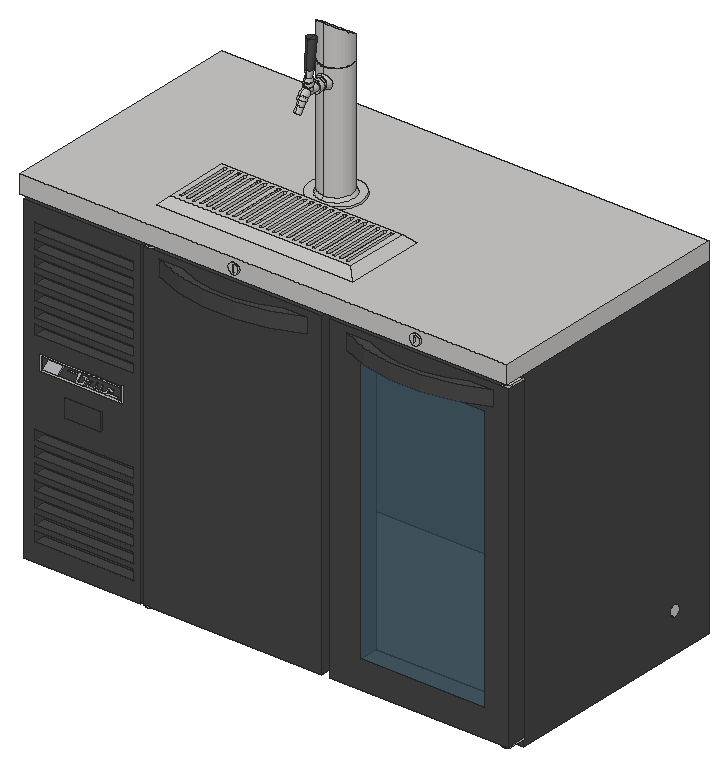
Revit family "QF_TRUE_TDR48-RISZ1-L-B-SG-1", category Specialty Equipment, Revit 2016 (continued)
Definition of nested family "TDR48-RISZ1-L-B-SG-1"
  Definition of nested family "QF_LOGO_TRUE"
    Forms (in)
      Extrusion 5, solid, not visible
        sketch origin (121.45701, -16.5, 4.98235) x (1, 0, 0) y (0, 0, 1)
          loop
            arc (29.23107, 34.87864) -> (29.18233, 34.8944) -> (29.13139, 34.89974) r 0.24595
            line (29.13139, 34.89974) -> (28.96708, 34.89974)
            arc (28.96708, 34.89974) -> (28.9068, 34.88073) -> (28.8535, 34.84677) r 0.2421
            arc (28.8535, 34.84677) -> (28.7897, 34.76363) -> (28.76702, 34.66131) r 0.2421
            line (28.76702, 34.66131) -> (28.76702, 34.54477)
            arc (28.76702, 34.54477) -> (28.81618, 34.4956) -> (28.88334, 34.47761) r 0.13431
            line (28.88334, 34.47761) -> (29.09054, 34.47761)
            arc (29.09054, 34.47761) -> (29.13459, 34.48281) -> (29.17622, 34.49812) r 0.18924
            line (29.17622, 34.49812) -> (29.23102, 34.61563)
            arc (29.23102, 34.61563) -> (29.18453, 34.59565) -> (29.13566, 34.58252) r 0.35376
            arc (29.13566, 34.58252) -> (29.05885, 34.56956) -> (28.98204, 34.58252) r 0.23415
            arc (28.98204, 34.58252) -> (28.94492, 34.61362) -> (28.95336, 34.66131) r 0.04838
          loop
            line (28.9842, 34.73042) -> (29.12012, 34.73042) -> (29.12621, 34.76496)
            arc (29.12621, 34.76496) -> (29.08961, 34.80242) -> (29.03739, 34.80638) r 0.0742
            arc (29.03739, 34.80638) -> (28.99747, 34.77773) -> (28.9842, 34.73042) r 0.0742
          loop
            line (29.41616, 34.97572) -> (29.28675, 34.49276) -> (29.48645, 34.49276) -> (29.61586, 34.97572) -> (29.41616, 34.97572)
          loop
            line (29.99836, 34.97572) -> (29.95192, 34.80242)
            arc (29.95192, 34.80242) -> (29.94473, 34.85705) -> (29.90102, 34.89059) r 0.07199
            arc (29.90102, 34.89059) -> (29.80023, 34.89941) -> (29.70251, 34.87322) r 0.29131
            arc (29.70251, 34.87322) -> (29.61806, 34.7652) -> (29.5896, 34.63108) r 0.30433
            line (29.5896, 34.63108) -> (29.5896, 34.55572)
            arc (29.5896, 34.55572) -> (29.61075, 34.50463) -> (29.66184, 34.48348) r 0.07224
            line (29.66184, 34.48348) -> (29.78537, 34.48348)
            arc (29.78537, 34.48348) -> (29.83854, 34.51313) -> (29.88504, 34.55243) r 0.31609
            line (29.88504, 34.55243) -> (29.86905, 34.49276) -> (30.05973, 34.49276) -> (30.18914, 34.97572) -> (29.99836, 34.97572)
          loop
            arc (29.84537, 34.75931) -> (29.79424, 34.71128) -> (29.77745, 34.64317) r 0.12371
            arc (29.77745, 34.64317) -> (29.80071, 34.59901) -> (29.85056, 34.59647) r 0.05045
            arc (29.85056, 34.59647) -> (29.90141, 34.64047) -> (29.92536, 34.7033) r 0.13769
            arc (29.92536, 34.7033) -> (29.90211, 34.75521) -> (29.84537, 34.75931) r 0.05543
          loop
            line (26.45047, 35.26762) -> (26.58211, 35.26762)
            arc (26.58211, 35.26762) -> (26.60467, 35.30821) -> (26.62126, 35.35157) r 0.3277
            arc (26.62126, 35.35157) -> (26.62714, 35.39992) -> (26.60877, 35.44503) r 0.09693
            arc (26.60877, 35.44503) -> (26.56454, 35.48868) -> (26.50462, 35.50516) r 0.12312
            arc (26.50462, 35.50516) -> (26.44158, 35.50565) -> (26.37854, 35.50546) r 5.76967
            arc (26.37854, 35.50546) -> (26.07462, 35.42923) -> (25.81045, 35.26076) r 0.97743
            line (25.81045, 35.26076) -> (25.85921, 35.26076)
            arc (25.85921, 35.26076) -> (26.08494, 35.39361) -> (26.3396, 35.45485) r 0.88817
            arc (26.3396, 35.45485) -> (26.41429, 35.44188) -> (26.47267, 35.39352) r 0.14748
            arc (26.47267, 35.39352) -> (26.48041, 35.32725) -> (26.45047, 35.26762) r 0.11636
          loop
            arc (26.35412, 35.17841) -> (26.19578, 35.0555) -> (26.00982, 34.98069) r 0.72453
            arc (26.00982, 34.98069) -> (25.9036, 34.95581) -> (25.79459, 34.9604) r 0.40201
            arc (25.79459, 34.9604) -> (25.7275, 34.98819) -> (25.69972, 35.05528) r 0.09488
            arc (25.69972, 35.05528) -> (25.71867, 35.12629) -> (25.77049, 35.17841) r 0.1425
            line (25.77049, 35.17841) -> (25.73665, 35.18748)
            arc (25.73665, 35.18748) -> (25.67632, 35.09876) -> (25.66924, 34.99171) r 0.20432
            arc (25.66924, 34.99171) -> (25.71443, 34.9227) -> (25.79473, 34.90384) r 0.11116
            arc (25.79473, 34.90384) -> (25.91172, 34.89904) -> (26.02716, 34.91862) r 0.56145
            arc (26.02716, 34.91862) -> (26.27675, 35.021) -> (26.49584, 35.17841) r 1.15683
            line (26.49584, 35.17841) -> (26.35412, 35.17841)
        from 31.54261 to 31.56272
    Dimensions and locks (in)
      aligned and locked: level to plane 2
      aligned and locked: Extrusion 2 to Extrusion 3  (x2)
      aligned and locked: Extrusion 2 sketch curve to Extrusion 3
Definition of nested family "CASTORS & LEGS"
  Parameters (values of type "CASTORS & LEGS")
    Weight = ""
    URL Manufacturer = ""
    URL Cutsheet = ""
    URL = ""
    Type Mark [instance] = ""
    Status [instance] = ""
    Specification by User [instance] = ""
    Specification by Manufacturer = ""
    Show Legs with Flandge [instance] = yes
    Show Legs [instance] = yes
    Show Leg Levelers [instance] = yes
    Show 1 Inch Rollers [instance] = yes
    Show 5 Inches Castors [instance] = yes
    Show 4 Inches Castors [instance] = yes
    Show 3 Inches Castors [instance] = yes
    Show 2 Inches Castors [instance] = yes
    Serial Number = ""
    Seismic Rating = ""
    SMACNA No = ""
    Revision Code [instance] = ""
    Omniclass Number and Title = ""
    NAFEM Spec ID Number = ""
    Model = ""
    MasterSpec. = ""
    Manufacturer = ""
    Item Number [instance] = ""
    Installed By [instance] = ""
    Identify Quantity as Lot [instance] = yes
    Furnished By [instance] = ""
    Foodservice Equipment Identifier [instance] = yes
    Description = ""
    CSI MasterFormat = ""
    CSI Master Format = ""
    Assembly Code = ""
  Reference planes (in)
    plane 1: z = 0
    plane 2 "RIGHT": x = 0
    plane 3 "FRONT": y = 0
    plane 4 "TOP": z = 4
    plane 5: z = 5.75
    plane 6: z = 6
    plane 7: z = 0.875
  Forms (in)
    Revolve 1, solid, visible <- "Show Legs"
      sketch origin (11.12172, 0, 0) x (-1, 0, 0) y (0, 0, -1)
        loop
          line (11.12172, -6) -> (11.12172, 0) -> (10.62172, 0) -> (10.62172, -0.5) -> (10.37172, -0.5) -> (10.37172, -6) -> (11.12172, -6)
        axis (11.12172, 0) -> (11.12172, -6)
      angle from 0 to 360
    Revolve 2, solid, visible <- "Show Legs with Flandge"
      sketch origin (11.12172, 0, 0) x (-1, 0, 0) y (0, 0, -1)
        loop
          line (11.12172, -6) -> (11.12172, 0) -> (9.87172, 0) -> (9.87172, -0.25) -> (10.62172, -0.25) -> (10.62172, -0.5) -> (10.37172, -0.5) -> (10.37172, -6) -> (11.12172, -6)
        axis (11.12172, 0) -> (11.12172, -6)
      angle from 0 to 360
    Extrusion 3, solid, visible <- "Show Leg Levelers"
      sketch origin (0, 0, 0) x (1, 0, 0) y (0, 1, 0)
        loop
          circle (0, 0) r 0.75
      from 0 to 0.25
  Dimensions and locks (in)
    plane 4 "TOP" to level = 4"  (x2)
    locked: Revolve 1 sketch curve to Revolve 1 sketch curve at 0.5
    locked: Revolve 1 sketch curve to Revolve 1 sketch curve at 0.75
    locked: Revolve 2 sketch curve to Revolve 2 sketch curve at 0.75
    plane 5 to level = 5 3/4"
    plane 6 to plane 1 = 6"
    nested 1 to plane 1 = 3 1/8"
    nested 3 to level = 5"
    aligned and locked: level to plane 1
  Nested families (in)
    nested 1: "3 INCHES 01_CASTER" at (0, 0, 0), visible <- "Show 2 Inches Castors", type "3 INCHES 01_CASTER"
      with Type Mark "", Specification by User "", Revision Code "", Item Number "", Installed By "", Identify Quantity as Lot yes, Furnished By "", Foodservice Equipment Identifier yes, 3 Inches Caster yes
    nested 2: "HATCO_4 INCHES_CASTER" at (0, -0.75, 0), Show 4 Inches Caster <- "Show 3 Inches Castors", type "HATCO_4 INCHES_CASTER"
      with Type Mark "", Specification by User "", Show 4 Inches Caster yes, Revision Code "", Item Number "", Installed By "", Identify Quantity as Lot yes, Furnished By "", Foodservice Equipment Identifier yes
    nested 3: "5 INCHES 01_CASTER" at (0, 0, 0), visible <- "Show 4 Inches Castors", type "5 INCHES 01_CASTER"
      with Type Mark "", Specification by User "", Show 5" Casters yes, Revision Code "", Key Locks yes, Item Number "", Installed By "", Identify Quantity as Lot yes, Furnished By "", Foodservice Equipment Identifier yes
    nested 4: "7-8 INCHES_CASTER" at (0, 0, 0), visible <- "Show 1 Inch Rollers", type "7-8 INCHES_CASTER"
      with Type Mark "", Specification by User "", Revision Code "", Item Number "", Installed By "", Identify Quantity as Lot yes, Furnished By "", Foodservice Equipment Identifier yes, 2.5 Inches Caster yes
    nested 5: "6 INCHES 02_CASTER" at (0, 0, 0), visible <- "Show 5 Inches Castors", Show Casters <- "Show 5 Inches Castors", type "6 INCHES 02_CASTER"
      with Type Mark "", Specification by User "", Show Casters yes, Revision Code "", Item Number "", Installed By "", Identify Quantity as Lot yes, Furnished By "", Foodservice Equipment Identifier yes
  Definition of nested family "3 INCHES 01_CASTER"
    Parameters (values of type "3 INCHES 01_CASTER")
      Weight = ""
      URL Manufacturer = ""
      URL Cutsheet = ""
      URL = ""
      Type Mark [instance] = ""
      Specification by User [instance] = ""
      Specification by Manufacturer = ""
      Serial Number = ""
      Seismic Rating = ""
      SMACNA No = ""
      Revision Code [instance] = ""
      Omniclass Number and Title = ""
      NAFEM Spec ID Number = ""
      Model = ""
      MasterSpec. = ""
      Manufacturer = ""
      Item Number [instance] = ""
      Installed By [instance] = ""
      Identify Quantity as Lot [instance] = yes
      Furnished By [instance] = ""
      Foodservice Equipment Identifier [instance] = yes
      Description = ""
      CSI MasterFormat = ""
      CSI Master Format = ""
      Assembly Code = ""
      3 Inches Caster [instance] = yes
    Reference planes (in)
      plane 1: z = 0
      plane 2 "RIGHT": x = 0
      plane 3 "FRONT": y = 0
      plane 4 "TOP": z = 3.125
    Forms (in)
      Revolve 1, solid, visible <- "3 Inches Caster"
        sketch origin (-1.93794, 0.56004, -1.0041) x (1, 0, 0) y (0, 0, 1)
          loop
            line (0.74055, 2.11347) -> (0.74055, 2.03797) -> (0.79055, 1.98797) -> (0.85055, 1.98797) -> (0.85055, 1.8679) -> (1.235, 1.8679) -> (1.235, 1.7068) -> (1.36441, 1.63209) -> (1.4003, 1.41035) -> (1.34375, 1.41035) -> (1.34375, 1.28535) -> (1.375, 1.28535) -> (1.375, 1.0041) -> (2.48438, 1.0041) -> (2.48438, 1.28535) -> (2.51563, 1.28535) -> (2.51563, 1.41035) -> (2.45908, 1.41035) -> (2.49553, 1.6356) -> (2.62438, 1.70999) -> (2.62438, 1.8679) -> (3.04007, 1.8679) -> (3.04007, 1.98797) -> (3.10007, 1.98797) -> (3.15007, 2.03797) -> (3.15007, 2.11347) -> (0.74055, 2.11347)
          axis (0.74055, 2.11347) -> (3.15007, 2.11347)
        angle from 0 to 360
      Extrusion 2, solid, visible <- "3 Inches Caster"
        sketch origin (-1.93794, 1.35294, -3.2541) x (0, 1, 0) y (0, 0, 1)
          loop
            line (-0.41094, 5.86793) -> (-0.41094, 6.01276) -> (-2.29494, 6.01276) -> (-2.29494, 5.71244) -> (-1.82301, 5.71244)
            arc (-1.82301, 5.71244) -> (-1.00307, 5.59865) -> (-0.19592, 5.41488) r 9.6332
            arc (-0.19592, 5.41488) -> (0.12646, 5.29481) -> (0.42224, 5.11916) r 1.92059
            line (0.42224, 5.11916) -> (0.51314, 5.245)
            arc (0.51314, 5.245) -> (0.27353, 5.42569) -> (0.01201, 5.5729) r 2.25036
            line (0.01201, 5.5729) -> (0.09371, 5.71426)
            arc (0.09371, 5.71426) -> (-0.15272, 5.81043) -> (-0.41094, 5.86793) r 1.73151
        from 1.17357 to 2.70231
      Revolve 3, solid, visible <- "3 Inches Caster"
        sketch origin (0, 1.73858, -3.25) x (0, 1, 0) y (0, 0, 1)
          loop
            line (-1.73858, 6.375) -> (-1.73858, 6.00866) -> (-0.93293, 6.00866) -> (-0.93293, 6.375) -> (-1.73858, 6.375)
          axis (-1.73858, 6.00866) -> (-1.73858, 6.375)
        angle from 0 to 360
      Extrusion 4, solid, visible <- "3 Inches Caster"
        sketch origin (-1.98481, 1.35294, -1.7541) x (0, 1, 0) y (0, 0, 1)
          loop
            line (-2.29494, 4.51276) -> (-2.29494, 4.21244) -> (-2.2074, 4.21244)
            arc (-2.2074, 4.21244) -> (-1.58796, 3.87196) -> (-1.3103, 3.22193) r 1.0835
            arc (-1.3103, 3.22193) -> (-1.27304, 2.98711) -> (-1.19616, 2.76214) r 1.38462
            arc (-1.19616, 2.76214) -> (-0.77704, 2.49744) -> (-0.37393, 2.78593) r 0.44401
            arc (-0.37393, 2.78593) -> (-0.35491, 2.84407) -> (-0.34077, 2.90358) r 0.74034
            arc (-0.34077, 2.90358) -> (-0.07302, 3.38916) -> (0.4279, 3.62699) r 0.90376
            line (0.4279, 3.62699) -> (0.51314, 3.745)
            arc (0.51314, 3.745) -> (0.27353, 3.92569) -> (0.01201, 4.0729) r 2.25036
            line (0.01201, 4.0729) -> (0.09371, 4.21426)
            arc (0.09371, 4.21426) -> (-0.15272, 4.31043) -> (-0.41094, 4.36793) r 1.73151
            line (-0.41094, 4.36793) -> (-0.41094, 4.51276) -> (-2.29494, 4.51276)
        from 2.74918 to 2.90825
      Extrusion 5, solid, visible <- "3 Inches Caster"
        sketch origin (1.98481, 1.35294, -1.7541) x (0, 1, 0) y (0, 0, -1)
          loop
            line (-2.29494, -4.51276) -> (-0.41094, -4.51276) -> (-0.41094, -4.36793)
            arc (-0.41094, -4.36793) -> (-0.15272, -4.31043) -> (0.09371, -4.21426) r 1.73151
            line (0.09371, -4.21426) -> (0.01201, -4.0729)
            arc (0.01201, -4.0729) -> (0.27353, -3.92569) -> (0.51314, -3.745) r 2.25036
            line (0.51314, -3.745) -> (0.4279, -3.62699)
            arc (0.4279, -3.62699) -> (-0.07302, -3.38916) -> (-0.34077, -2.90358) r 0.90376
            arc (-0.34077, -2.90358) -> (-0.35491, -2.84407) -> (-0.37393, -2.78593) r 0.74034
            arc (-0.37393, -2.78593) -> (-0.77704, -2.49744) -> (-1.19616, -2.76214) r 0.44401
            arc (-1.19616, -2.76214) -> (-1.27304, -2.98711) -> (-1.3103, -3.22193) r 1.38462
            arc (-1.3103, -3.22193) -> (-1.58796, -3.87196) -> (-2.2074, -4.21244) r 1.0835
            line (-2.2074, -4.21244) -> (-2.29494, -4.21244) -> (-2.29494, -4.51276)
        from 2.74918 to 2.90825
    Cuts and joins
      joined: Extrusion 2, Extrusion 4, Extrusion 5
    Lines and regions (in)
      symbolic lines, visible <- "3 Inches Caster"
        curve 1: line (0.1877, 1.65194, 0) -> (0.89063, 1.2461, 0)
        curve 2: line (-1.00175, -0.40823, 0) -> (0.1877, 1.65194, 0)
        curve 3: line (-0.29881, -0.81407, 0) -> (-1.00175, -0.40823, 0)
        curve 4: line (0.89063, 1.2461, 0) -> (-0.29881, -0.81407, 0)
    Dimensions and locks (in)
      plane 4 "TOP" to level = 3 1/8"  (x2)
      aligned and locked: level to plane 1
  Definition of nested family "HATCO_4 INCHES_CASTER"
    Parameters (values of type "HATCO_4 INCHES_CASTER")
      URL Manufacturer = ""
      URL Cutsheet = ""
      URL = ""
      Type Mark [instance] = ""
      Specification by User [instance] = ""
      Specification by Manufacturer = ""
      Serial Number = ""
      Seismic Rating = ""
      SMACNA No = ""
      Revision Code [instance] = ""
      Omniclass Number and Title = ""
      NAFEM Spec ID Number = ""
      Model = ""
      Manufacturer = ""
      Item Number [instance] = ""
      Installed By [instance] = ""
      Identify Quantity as Lot [instance] = yes
      Furnished By [instance] = ""
      Foodservice Equipment Identifier [instance] = yes
      Description = ""
      CSI MasterFormat = ""
      CSI Master Format = ""
      Assembly Code = ""
      Show 4 Inches Caster [instance] = yes
    Reference planes (in)
      plane 1: z = 0
      plane 2 "RIGHT": x = 0
      plane 3 "FRONT": y = 0
      plane 4 "TOP": z = 4
    Forms (in)
      Revolve 1, solid, visible <- "Show 4 Inches Caster"
        sketch origin (-1.93794, 0.83816, -1.0041) x (1, 0, 0) y (0, 0, 1)
          loop
            line (0.74055, 2.5041) -> (3.15007, 2.5041) -> (3.15007, 2.5796) -> (3.10007, 2.6296) -> (3.04007, 2.6296) -> (3.04007, 2.74967) -> (2.62438, 2.74967) -> (2.62438, 2.93884) -> (2.48438, 3.01967) -> (2.45908, 3.17597) -> (2.51563, 3.17597) -> (2.51563, 3.41035) -> (2.48438, 3.41035) -> (2.48438, 4.0041) -> (1.375, 4.0041) -> (1.375, 3.41035) -> (1.34375, 3.41035) -> (1.34375, 3.17597) -> (1.4003, 3.17597) -> (1.37557, 3.02318) -> (1.235, 2.94202) -> (1.235, 2.74967) -> (0.85055, 2.74967) -> (0.85055, 2.6296) -> (0.79055, 2.6296) -> (0.74055, 2.5796) -> (0.74055, 2.5041)
          axis (0.74055, 2.5041) -> (3.15007, 2.5041)
        angle from 0 to 360
      Extrusion 2, solid, visible <- "Show 4 Inches Caster"
        sketch origin (-1.93794, 1.80294, -1.7541) x (0, 1, 0) y (0, 0, 1)
          loop
            line (-3.08794, 5.33423) -> (-3.08794, 5.00584) -> (-2.69466, 5.00584)
            arc (-2.69466, 5.00584) -> (-1.57175, 4.94895) -> (-0.46376, 4.75787) r 9.36411
            arc (-0.46376, 4.75787) -> (-0.05889, 4.58436) -> (0.28335, 4.30705) r 1.60049
            line (0.28335, 4.30705) -> (0.34449, 4.39437)
            arc (0.34449, 4.39437) -> (0.12713, 4.6163) -> (-0.1239, 4.79931) r 1.8753
            line (-0.1239, 4.79931) -> (-0.05749, 4.91421)
            arc (-0.05749, 4.91421) -> (-0.33807, 5.05694) -> (-0.64294, 5.13542) r 1.44292
            line (-0.64294, 5.13542) -> (-0.64294, 5.33423) -> (-3.08794, 5.33423)
        from 1.1267 to 2.74918
      Revolve 3, solid, visible <- "Show 4 Inches Caster"
        sketch origin (0, 2.15543, -2.25) x (0, 1, 0) y (0, 0, 1)
          loop
            line (-2.21793, 6.25) -> (-2.21793, 5.83014) -> (-1.05793, 5.83014) -> (-1.05793, 6.25) -> (-2.21793, 6.25)
          axis (-2.21793, 5.83014) -> (-2.21793, 6.25)
        angle from 0 to 360
      Extrusion 4, solid, visible <- "Show 4 Inches Caster"
        sketch origin (-1.93794, 1.80294, -1.7541) x (0, 1, 0) y (0, 0, 1)
          loop
            line (-3.08794, 5.33423) -> (-3.08794, 5.00584) -> (-2.8913, 5.00584)
            arc (-2.8913, 5.00584) -> (-2.09118, 4.14057) -> (-1.45681, 3.14736) r 6.63355
            arc (-1.45681, 3.14736) -> (-0.85703, 2.75969) -> (-0.4561, 3.35069) r 0.5107
            arc (-0.4561, 3.35069) -> (-0.27092, 3.92503) -> (0.24034, 4.24562) r 0.88136
            line (0.24034, 4.24562) -> (0.34449, 4.39437)
            arc (0.34449, 4.39437) -> (0.12713, 4.6163) -> (-0.1239, 4.79931) r 1.8753
            line (-0.1239, 4.79931) -> (-0.05749, 4.91421)
            arc (-0.05749, 4.91421) -> (-0.33807, 5.05694) -> (-0.64294, 5.13542) r 1.44292
            line (-0.64294, 5.13542) -> (-0.64294, 5.33423) -> (-3.08794, 5.33423)
        from 2.74918 to 2.90825
      Extrusion 5, solid, visible <- "Show 4 Inches Caster"
        sketch origin (1.93794, 1.80294, -1.7541) x (0, 1, 0) y (0, 0, -1)
          loop
            line (-3.08794, -5.33423) -> (-0.64294, -5.33423) -> (-0.64294, -5.13542)
            arc (-0.64294, -5.13542) -> (-0.33807, -5.05694) -> (-0.05749, -4.91421) r 1.44292
            line (-0.05749, -4.91421) -> (-0.1239, -4.79931)
            arc (-0.1239, -4.79931) -> (0.12713, -4.6163) -> (0.34449, -4.39437) r 1.8753
            line (0.34449, -4.39437) -> (0.24034, -4.24562)
            arc (0.24034, -4.24562) -> (-0.27092, -3.92503) -> (-0.4561, -3.35069) r 0.88136
            arc (-0.4561, -3.35069) -> (-0.85703, -2.75969) -> (-1.45681, -3.14736) r 0.5107
            arc (-1.45681, -3.14736) -> (-2.09118, -4.14057) -> (-2.8913, -5.00584) r 6.63355
            line (-2.8913, -5.00584) -> (-3.08794, -5.00584) -> (-3.08794, -5.33423)
        from 2.74918 to 2.90825
    Cuts and joins
      joined: Extrusion 2, Extrusion 4, Extrusion 5
    Lines and regions (in)
      symbolic lines, visible <- "Show 4 Inches Caster"
        curve 1: line (0.28481, 2.83041, 0) -> (1.24556, 2.27572, 0)
        curve 2: line (-1.26206, 0.15114, 0) -> (-0.69281, 1.13711, 0)
        curve 3: line (-0.30132, -0.40355, 0) -> (-1.26206, 0.15114, 0)
        curve 4: line (1.24556, 2.27572, 0) -> (0.69868, 1.3285, 0)
        curve 5: line (-0.2461, 1.91084, 0) -> (0.28481, 2.83041, 0)
        curve 6: line (0.19868, 0.46248, 0) -> (-0.30132, -0.40355, 0)
    Dimensions and locks (in)
      plane 4 "TOP" to level = 4"  (x2)
      aligned and locked: level to plane 1
  Definition of nested family "5 INCHES 01_CASTER"
    Parameters (values of type "5 INCHES 01_CASTER")
      Weight = ""
      URL Manufacturer = ""
      URL Cutsheet = ""
      URL = ""
      Type Mark [instance] = ""
      Specification by User [instance] = ""
      Specification by Manufacturer = ""
      Show 5" Casters [instance] = yes
      Serial Number = ""
      Seismic Rating = ""
      SMACNA No = ""
      Revision Code [instance] = ""
      Omniclass Number and Title = ""
      NAFEM Spec ID Number = ""
      Model = ""
      MasterSpec. = ""
      Manufacturer = ""
      Key Locks [instance] = yes
      Item Number [instance] = ""
      Installed By [instance] = ""
      Identify Quantity as Lot [instance] = yes
      Furnished By [instance] = ""
      Foodservice Equipment Identifier [instance] = yes
      Description = ""
      CSI MasterFormat = ""
      CSI Master Format = ""
      Assembly Code = ""
    Reference planes (in)
      plane 1: z = 0
      plane 2 "RIGHT": x = 0
      plane 3 "FRONT": y = 0
      plane 4 "TOP": z = 5
    Forms (in)
      Revolve 1, solid, visible <- "Show 5" Casters"
        sketch origin (-1.93794, 0.99859, -1.0041) x (1, 0, 0) y (0, 0, 1)
          loop
            line (0.74055, 3.0041) -> (0.74055, 2.9286) -> (0.79055, 2.8786) -> (0.85055, 2.8786) -> (0.85055, 2.75852) -> (1.235, 2.75852) -> (1.235, 2.56618) -> (1.37557, 2.48502) -> (1.49133, 1.76972) -> (1.34375, 1.76972) -> (1.34375, 1.53535) -> (1.375, 1.53535) -> (1.375, 1.0041) -> (2.48438, 1.0041) -> (2.48438, 1.53535) -> (2.51563, 1.53535) -> (2.51563, 1.76972) -> (2.36805, 1.76972) -> (2.48438, 2.48853) -> (2.62438, 2.56936) -> (2.62438, 2.75852) -> (3.04007, 2.75852) -> (3.04007, 2.8786) -> (3.10007, 2.8786) -> (3.15007, 2.9286) -> (3.15007, 3.0041) -> (0.74055, 3.0041)
          axis (0.74055, 3.0041) -> (3.15007, 3.0041)
        angle from 0 to 360
      Extrusion 2, solid, visible <- "Show 5" Casters"
        sketch origin (-1.93794, 1.96337, -0.7541) x (0, 1, 0) y (0, 0, 1)
          loop
            line (-3.37739, 5.33423) -> (-3.37739, 4.92712) -> (-2.49294, 4.92712)
            arc (-2.49294, 4.92712) -> (-1.47209, 4.91752) -> (-0.46376, 4.75787) r 6.92153
            arc (-0.46376, 4.75787) -> (0.14199, 4.53396) -> (0.67481, 4.16904) r 2.62713
            line (0.67481, 4.16904) -> (0.7876, 4.33012)
            arc (0.7876, 4.33012) -> (0.48098, 4.5674) -> (0.13288, 4.73811) r 1.91675
            line (0.13288, 4.73811) -> (0.21197, 4.87494)
            arc (0.21197, 4.87494) -> (-0.1576, 5.02102) -> (-0.54934, 5.08775) r 1.91675
            line (-0.54934, 5.08775) -> (-0.54934, 5.33423) -> (-3.37739, 5.33423)
        from 1.17357 to 2.70231
      Revolve 3, solid, visible <- "Show 5" Casters"
        sketch origin (0, 2.15543, -1.25) x (0, 1, 0) y (0, 0, 1)
          loop
            line (-2.21793, 6.25) -> (-2.21793, 5.83014) -> (-1.05793, 5.83014) -> (-1.05793, 6.25) -> (-2.21793, 6.25)
          axis (-2.21793, 5.83014) -> (-2.21793, 6.25)
        angle from 0 to 360
      Extrusion 4, solid, visible <- "Show 5" Casters"
        sketch origin (-1.98481, 1.96337, -0.7541) x (0, 1, 0) y (0, 0, 1)
          loop
            line (-3.37739, 5.33423) -> (-3.37739, 4.92712) -> (-3.13361, 4.92712)
            arc (-3.13361, 4.92712) -> (-2.12623, 3.92533) -> (-1.55834, 2.62307) r 3.79122
            arc (-1.55834, 2.62307) -> (-0.81477, 2.14247) -> (-0.31772, 2.87515) r 0.63314
            arc (-0.31772, 2.87515) -> (-0.02244, 3.67728) -> (0.68637, 4.15498) r 1.39003
            line (0.68637, 4.15498) -> (0.7876, 4.33012)
            arc (0.7876, 4.33012) -> (0.48098, 4.5674) -> (0.13288, 4.73811) r 1.91675
            line (0.13288, 4.73811) -> (0.21197, 4.87494)
            arc (0.21197, 4.87494) -> (-0.1576, 5.02102) -> (-0.54934, 5.08775) r 1.91675
            line (-0.54934, 5.08775) -> (-0.54934, 5.33423) -> (-3.37739, 5.33423)
        from 2.74918 to 2.90825
      Extrusion 5, solid, visible <- "Show 5" Casters"
        sketch origin (1.98481, 1.96337, -0.7541) x (0, 1, 0) y (0, 0, -1)
          loop
            line (-3.37739, -5.33423) -> (-0.54934, -5.33423) -> (-0.54934, -5.08775)
            arc (-0.54934, -5.08775) -> (-0.1576, -5.02102) -> (0.21197, -4.87494) r 1.91675
            line (0.21197, -4.87494) -> (0.13288, -4.73811)
            arc (0.13288, -4.73811) -> (0.48098, -4.5674) -> (0.7876, -4.33012) r 1.91675
            line (0.7876, -4.33012) -> (0.68637, -4.15498)
            arc (0.68637, -4.15498) -> (-0.02244, -3.67728) -> (-0.31772, -2.87515) r 1.39003
            arc (-0.31772, -2.87515) -> (-0.81477, -2.14247) -> (-1.55834, -2.62307) r 0.63314
            arc (-1.55834, -2.62307) -> (-2.12623, -3.92533) -> (-3.13361, -4.92712) r 3.79122
            line (-3.13361, -4.92712) -> (-3.37739, -4.92712) -> (-3.37739, -5.33423)
        from 2.74918 to 2.90825
    Cuts and joins
      joined: Extrusion 2, Extrusion 4, Extrusion 5
    Lines and regions (in)
      symbolic lines, visible <- "Show 5" Casters"
        curve 1: line (0.54262, 2.21348, 0) -> (1.50337, 1.65879, 0)
        curve 2: line (-1.45738, -1.25062, 0) -> (-0.70738, 0.04842, 0)
        curve 3: line (-0.49663, -1.80531, 0) -> (-1.45738, -1.25062, 0)
        curve 4: line (1.50337, 1.65879, 0) -> (0.75337, 0.35975, 0)
        curve 5: line (-0.20738, 0.91444, 0) -> (0.54262, 2.21348, 0)
        curve 6: line (0.25337, -0.50627, 0) -> (-0.49663, -1.80531, 0)
    Dimensions and locks (in)
      plane 4 "TOP" to level = 5"  (x2)
      aligned and locked: level to plane 1
  Definition of nested family "7-8 INCHES_CASTER"
    Parameters (values of type "7-8 INCHES_CASTER")
      Weight = ""
      URL Manufacturer = ""
      URL Cutsheet = ""
      URL = ""
      Type Mark [instance] = ""
      Specification by User [instance] = ""
      Specification by Manufacturer = ""
      Serial Number = ""
      Seismic Rating = ""
      SMACNA No = ""
      Revision Code [instance] = ""
      Omniclass Number and Title = ""
      NAFEM Spec ID Number = ""
      Model = ""
      MasterSpec. = ""
      Manufacturer = ""
      Item Number [instance] = ""
      Installed By [instance] = ""
      Identify Quantity as Lot [instance] = yes
      Furnished By [instance] = ""
      Foodservice Equipment Identifier [instance] = yes
      Description = ""
      CSI MasterFormat = ""
      CSI Master Format = ""
      Assembly Code = ""
      2.5 Inches Caster [instance] = yes
    Reference planes (in)
      plane 1: z = 0
      plane 2 "RIGHT": x = 0
      plane 3 "FRONT": y = 0
      plane 4 "TOP": z = 2.125
      plane 5: z = 0.875
    Forms (in)
      Revolve 1, solid, visible <- "2.5 Inches Caster"
        sketch origin (-1.93794, 0.16358, -1.0041) x (1, 0, 0) y (0, 0, 1)
          loop
            line (2.21963, 1.0041) -> (2.21963, 1.07441) -> (2.16308, 1.07441) -> (2.17665, 1.15827) -> (2.27369, 1.21429) -> (2.27369, 1.29531) -> (1.60219, 1.29531) -> (1.60219, 1.21429) -> (1.69923, 1.15827) -> (1.7128, 1.07441) -> (1.65625, 1.07441) -> (1.65625, 1.0041) -> (2.21963, 1.0041)
          axis (2.27369, 1.29531) -> (1.60219, 1.29531)
        angle from 0 to 360
      Extrusion 2, solid, visible <- "2.5 Inches Caster"
        sketch origin (-1.93794, 1.43296, -4.66527) x (0, 1, 0) y (0, 0, 1)
          loop
            line (-1.16673, 5.3791) -> (-1.71584, 5.3791) -> (-1.71584, 5.33314) -> (-1.62354, 5.33314)
            arc (-1.62354, 5.33314) -> (-1.55924, 5.29737) -> (-1.50495, 5.24769) r 0.31579
            line (-1.50495, 5.24769) -> (-0.93687, 5.24769)
            arc (-0.93687, 5.24769) -> (-0.98865, 5.28224) -> (-1.04346, 5.31172) r 0.65588
            line (-1.04346, 5.31172) -> (-1.01965, 5.35291)
            arc (-1.01965, 5.35291) -> (-1.09203, 5.3725) -> (-1.16673, 5.3791) r 0.4262
        from 1.60219 to 2.27369
      Revolve 3, solid, visible <- "2.5 Inches Caster"
        sketch origin (0, 1.73858, -5) x (0, 1, 0) y (0, 0, 1)
          loop
            line (-1.73858, 5.71382) -> (-1.35578, 5.71382) -> (-1.35578, 5.875) -> (-1.73858, 5.875) -> (-1.73858, 5.71382)
          axis (-1.73858, 5.71382) -> (-1.73858, 5.875)
        angle from 0 to 360
      Extrusion 4, solid, visible <- "2.5 Inches Caster"
        sketch origin (0.33575, 1.43296, -4.66527) x (0, 1, 0) y (0, 0, 1)
          loop
            line (-1.71584, 5.3791) -> (-1.71584, 5.33314) -> (-1.62354, 5.33314)
            arc (-1.62354, 5.33314) -> (-1.48788, 5.22611) -> (-1.42886, 5.06369) r 0.31579
            arc (-1.42886, 5.06369) -> (-1.418, 4.99525) -> (-1.39559, 4.92968) r 0.40356
            arc (-1.39559, 4.92968) -> (-1.27344, 4.85253) -> (-1.15595, 4.93662) r 0.12941
            arc (-1.15595, 4.93662) -> (-1.1504, 4.95356) -> (-1.14628, 4.97091) r 0.21578
            arc (-1.14628, 4.97091) -> (-1.06824, 5.11243) -> (-0.92225, 5.18175) r 0.26341
            line (-0.92225, 5.18175) -> (-0.8974, 5.21614)
            arc (-0.8974, 5.21614) -> (-0.96724, 5.26881) -> (-1.04346, 5.31172) r 0.65588
            line (-1.04346, 5.31172) -> (-1.01965, 5.35291)
            arc (-1.01965, 5.35291) -> (-1.09203, 5.3725) -> (-1.16673, 5.3791) r 0.4262
            line (-1.16673, 5.3791) -> (-1.71584, 5.3791)
        from 0 to 0.0625
      Extrusion 5, solid, visible <- "2.5 Inches Caster"
        sketch origin (-0.33575, 1.43296, -4.66527) x (0, -1, 0) y (0, 0, 1)
          loop
            line (1.71584, 5.3791) -> (1.16673, 5.3791)
            arc (1.16673, 5.3791) -> (1.09203, 5.3725) -> (1.01965, 5.35291) r 0.4262
            line (1.01965, 5.35291) -> (1.04346, 5.31172)
            arc (1.04346, 5.31172) -> (0.96724, 5.26881) -> (0.8974, 5.21614) r 0.65588
            line (0.8974, 5.21614) -> (0.92225, 5.18175)
            arc (0.92225, 5.18175) -> (1.06824, 5.11243) -> (1.14628, 4.97091) r 0.26341
            arc (1.14628, 4.97091) -> (1.1504, 4.95356) -> (1.15595, 4.93662) r 0.21578
            arc (1.15595, 4.93662) -> (1.27344, 4.85253) -> (1.39559, 4.92968) r 0.12941
            arc (1.39559, 4.92968) -> (1.418, 4.99525) -> (1.42886, 5.06369) r 0.40356
            arc (1.42886, 5.06369) -> (1.48788, 5.22611) -> (1.62354, 5.33314) r 0.31579
            line (1.62354, 5.33314) -> (1.71584, 5.33314) -> (1.71584, 5.3791)
        from 0 to 0.0625
    Lines and regions (in)
      symbolic lines, visible <- "2.5 Inches Caster"
        curve 1: line (0.14193, 0.81567, 0) -> (0.64448, 0.52552, 0)
        curve 2: line (-0.51849, -0.32822, 0) -> (0.14193, 0.81567, 0)
        curve 3: line (-0.01594, -0.61837, 0) -> (-0.51849, -0.32822, 0)
        curve 4: line (0.64448, 0.52552, 0) -> (-0.01594, -0.61837, 0)
    Dimensions and locks (in)
      plane 4 "TOP" to level = 2 1/8"  (x2)
      plane 5 to plane 1 = 7/8"
      aligned and locked: level to plane 1
  Definition of nested family "6 INCHES 02_CASTER"
    Parameters (values of type "6 INCHES 02_CASTER")
      Weight = ""
      URL Manufacturer = ""
      URL Cutsheet = ""
      URL = ""
      Type Mark [instance] = ""
      Specification by User [instance] = ""
      Specification by Manufacturer = ""
      Show Casters [instance] = yes
      Serial Number = ""
      Seismic Rating = ""
      SMACNA No = ""
      Revision Code [instance] = ""
      Omniclass Number and Title = ""
      NAFEM Spec ID Number = ""
      Model = ""
      MasterSpec. = ""
      Manufacturer = ""
      Item Number [instance] = ""
      Installed By [instance] = ""
      Identify Quantity as Lot [instance] = yes
      Furnished By [instance] = ""
      Foodservice Equipment Identifier [instance] = yes
      Description = ""
      CSI MasterFormat = ""
      CSI Master Format = ""
    Reference planes (in)
      plane 1 "BACK": y = 0
      plane 2: z = 0
      plane 3 "LEFT": x = 0
      plane 4 "RIGHT": x = 0
      plane 5 "FRONT": y = 0
      plane 6 "TOP": z = 6.0625
    Forms (in)
      Revolve 1, solid, visible <- "Show Casters"
        sketch origin (-2.21793, 0, -0.25) x (-1, 0, 0) y (0, 0, 1)
          loop
            line (-2.21793, 6) -> (-2.21793, 5.55584) -> (-0.93693, 5.55584) -> (-0.93693, 6) -> (-2.21793, 6)
          axis (-2.21793, 5.55584) -> (-2.21793, 6)
        angle from 0 to 360
      Extrusion 2, solid, visible <- "Show Casters"
        sketch origin (0.25594, 2.08988, -0.1875) x (0, 1, 0) y (0, 0, 1)
          loop
            line (-3.37793, 5.49334) -> (-3.37793, 5.24334) -> (-1.67236, 2.30765)
            arc (-1.67236, 2.30765) -> (-0.65502, 1.97635) -> (-0.25363, 2.96812) r 0.78437
            line (-0.25363, 2.96812) -> (-0.80182, 5.49334) -> (-3.37793, 5.49334)
        from 0.78968 to 0.90247
      Extrusion 3, solid, visible <- "Show Casters"
        sketch origin (0, 0, 5.75) x (0, 1, 0) y (-1, 0, 0)
          loop
            circle (0, 0) r 0.75
        from 0 to 0.3125
      Extrusion 4, solid, visible <- "Show Casters"
        sketch origin (-0.25594, 2.08988, -0.1875) x (0, 1, 0) y (0, 0, -1)
          loop
            line (-3.37793, -5.24334) -> (-3.37793, -5.49334) -> (-0.80182, -5.49334) -> (-0.25363, -2.96812)
            arc (-0.25363, -2.96812) -> (-0.65502, -1.97635) -> (-1.67236, -2.30765) r 0.78437
            line (-1.67236, -2.30765) -> (-3.37793, -5.24334)
        from 0.78968 to 0.90247
      Extrusion 5, solid, visible <- "Show Casters"
        sketch origin (0, -0.12806, 0.75) x (0, 1, 0) y (0, 0, 1)
          loop
            line (-1.16, 4.55584) -> (-1.16, 4.30584) -> (1.41611, 4.30584) -> (1.41611, 4.55584) -> (-1.16, 4.55584)
        from -1.04562 to 1.04562
      Revolve 6, solid, visible <- "Show Casters"
        sketch origin (-1.9375, 1.11772, -0.12802) x (1, 0, 0) y (0, 0, 1)
          loop
            line (0.5843, 2.5666) -> (0.5843, 2.4286) -> (0.6343, 2.3786) -> (0.6943, 2.3786) -> (0.6943, 2.2429) -> (1.1725, 2.2429) -> (1.1725, 1.84743) -> (1.30191, 1.77271) -> (1.42647, 1.00302) -> (1.28125, 1.00302) -> (1.28125, 0.75302) -> (1.3125, 0.75302) -> (1.3125, 0.50302)
            arc (1.3125, 0.50302) -> (1.42233, 0.23785) -> (1.6875, 0.12802) r 0.375
            line (1.6875, 0.12802) -> (2.1875, 0.12802)
            arc (2.1875, 0.12802) -> (2.45267, 0.23785) -> (2.5625, 0.50302) r 0.375
            line (2.5625, 0.50302) -> (2.5625, 0.75302) -> (2.59375, 0.75302) -> (2.59375, 1.00302) -> (2.44853, 1.00302) -> (2.57366, 1.77622) -> (2.7025, 1.85061) -> (2.7025, 2.2429) -> (3.1807, 2.2429) -> (3.1807, 2.3786) -> (3.2407, 2.3786) -> (3.2907, 2.4286) -> (3.2907, 2.5666) -> (0.5843, 2.5666)
          axis (0.5843, 2.5666) -> (3.2907, 2.5666)
        angle from 0 to 360
    Cuts and joins
      joined: Extrusion 2, Extrusion 4, Extrusion 5
    Lines and regions (in)
      symbolic lines, visible <- "Show Casters"
        curve 1: line (0.45873, 2.04243, 0) -> (1.54127, 1.41743, 0)
        curve 2: line (-1.54127, -1.42167, 0) -> (-0.79127, -0.12263, 0)
        curve 3: line (-0.45873, -2.04667, 0) -> (-1.54127, -1.42167, 0)
        curve 4: line (1.54127, 1.41743, 0) -> (0.79127, 0.11839, 0)
        curve 5: line (-0.29127, 0.74339, 0) -> (0.45873, 2.04243, 0)
        curve 6: line (0.29127, -0.74763, 0) -> (-0.45873, -2.04667, 0)
    Dimensions and locks (in)
      plane 6 "TOP" to level = 6 1/16"
      locked: plane 6 "TOP" to level at 6.0625
      aligned and locked: level to plane 2
